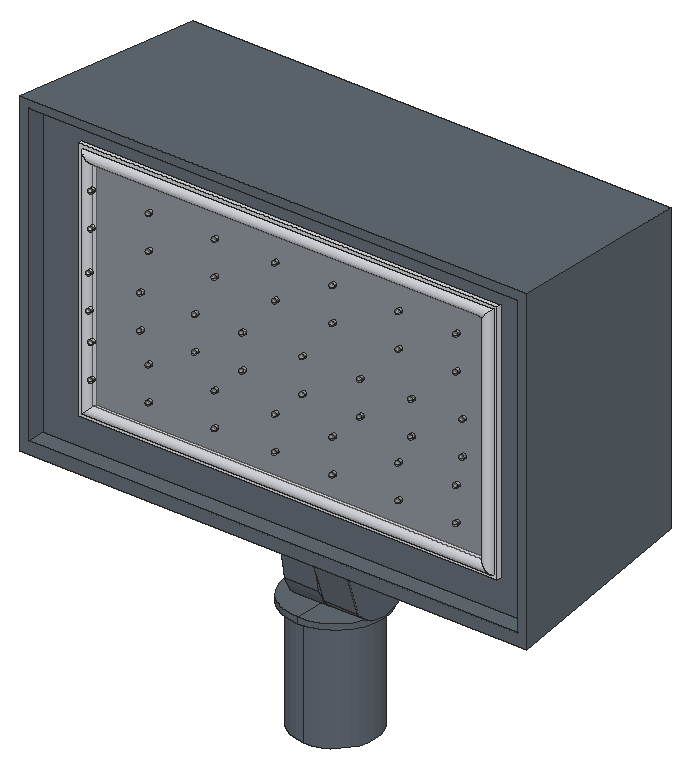
Revit family "RFL2", category Lighting Fixtures, host Face, Revit 2021
Family settings
  Host = Face
  Round Connector Dimension = Use Diameter
  Part Type = Normal
  OmniClass Number = 23.80.70.11.14.17
  OmniClass Title = Direct/Indirect
  Cut with Voids When Loaded = No
  Light Source = Yes
  Shared = Yes
  Room Calculation Point = No
Parameters (values of type "RFL2")
  Width 1 = 5.000"
  Width = 11.630"
  Watts = 25 W
  Wattage Comments = "25W"
  Wattage = 25 W
  Warranty = "5 years Warranty"  # constant formula
  built-in parameter 1150110 = 1 (stored number, unit not read)
  Voltage = 120 V
  URL = "https://www.currentlighting.com/beacon"
  built-in parameter 1114217 = 1 (stored number, unit not read)
  Tilt Angle = 0.00°
  built-in parameter 1150109 = 1 (stored number, unit not read)
  built-in parameter 1150134 = 12
  built-in parameter 1150113 = 1 (stored number, unit not read)
  Screw = Metal-Gray
  Reflector Finish = White Glass
  Product Page URL = ""
  Product Doucmentation Link = ""
  Power Factor = 1
  Photometric Web File = "RFL2-44L-25-4K7-M.ies"
  Photometric Note = "For more ies file please find the above Photometric Web Link"
  Model = "RFL2"
  Manufacturer = " Beacon Products"  # constant formula
  built-in parameter 1150105 = 252.66 (stored number, unit not read)
  Lumens = 3175 lm
  built-in parameter 1150115 = 1 (stored number, unit not read)
  Load Classification = Lighting
  built-in parameter 1150137 = (empty or 0)
  built-in parameter 1150139 = (empty or 0)
  Length = 26.380"
  built-in parameter 1150112 = 1 (stored number, unit not read)
  built-in parameter 1150114 = 1 (stored number, unit not read)
  Lamp = "LED"  # constant formula
  LED_Finish = Glass -  White
  LED = RFL : RFL
  built-in parameter 1150132 = (empty or 0)
  built-in parameter 1150102 = (empty or 0)
  built-in parameter 1150107 = 4000 (stored number, unit not read)
  built-in parameter 1150138 = (empty or 0)
  built-in parameter 1150106 = 2.5266 (stored number, unit not read)
  Housing Material = Paint - Carbon Black
  Features = "Lumen range from 2,000 to 4,000 lm\r\n• Color Temperature 3000K, 4000K, 5000K at\r\n70 and 80 CRI\r\n• Yoke and Threaded Knuckle mounting options.\r\n• 6 beam distributions and beam angles\r\nincluding: Narrow 17°x17°, Medium 28°x27°,\r\nMedium Flood 62°x61°, Wide 79°x64°,\r\nHorizontal 54°x22°, and Vertical 22°x54°.\r\n• IP66 sealed optical and driver chamber"  # constant formula
  built-in parameter 1150104 = 11.799 (stored number, unit not read)
  Dimming Lamp Color Temperature Shift = <None>
  Description = "Compact LED flood with a variety of NEMA distribution for lighting applications such as safety/security, accent, flag pole, columns, or signs. The Ratio flood series was designed in cohesion with the site/area products to provide a sleek yet timeless product family to be used throughout a site. Ratio features a dense optical array which provides reduced pixelation and increased visual comfort without compromising performance"  # constant formula
  Default Elevation = 48.000"
  Copyright = "© Beacon Products"  # constant formula
  Contact = ""
  Connector Description = "Lighting Connector"  # constant formula
  Color Filter = 16777215
  built-in parameter 1114216 [instance] = (empty or 0)
  Certifications = "UL 1598 Standard for Luminaires,IP66 certified."  # constant formula
  built-in parameter 1114218 = 1 (stored number, unit not read)
  built-in parameter 1150133 = 10 (stored number, unit not read)
  Assembly Code = "D5020200"
  Apparent Load = Watts / Power Factor  # 25 VA
Reference planes (in)
  plane 1 "Center (Front/Back)": y = 0
  plane 2: z = 0
  plane 3 "Center (Left/Right)": x = 0
  plane 4: z = 7.9
Forms (in)
  Extrusion 1, solid, material "Paint - Carbon Black"
    sketch origin (0, 0.625, -1.01563) x (0, 1, 0) y (0, 0, 1)
      loop
        arc (-0.5138, 3.14643) -> (0.02516, 2.74808) -> (0.58106, 3.12241) r 0.58115
        line (0.58106, 3.12241) -> (0.41594, 4.05985)
        arc (0.41594, 4.05985) -> (-0.17138, 4.32927) -> (-0.64466, 3.88935) r 0.58115
        line (-0.64466, 3.88935) -> (-0.5138, 3.14643)
    from -0.25 to 0.25
  Revolve 2, solid, material "Paint - Carbon Black" <- "Housing Material"
    sketch origin (0, 0.625, 0.57813) x (0, 1, 0) y (0, 0, 1)
      loop
        line (0.10822, 1.15809) -> (0.10822, -0.55336) -> (0.69184, -0.55336) -> (0.69184, 1.07444) -> (0.80803, 1.07444) -> (0.80803, 1.15809) -> (0.10822, 1.15809)
      axis (0.10822, 1.15809) -> (0.10822, -0.55336)
    angle from 0 to 360
  Revolve 3, solid, material "Metal-Gray" <- "Screw"
    sketch origin (0, 0.44531, 2.4955) x (1, 0, 0) y (0, 1, 0)
      loop
        line (-0.26448, 0.19804) -> (-0.23348, 0.19804) -> (-0.23348, 0.1667) -> (0.72665, 0.1667) -> (0.72665, 0.19804) -> (0.75805, 0.19804) -> (0.75805, 0.29889) -> (0.719, 0.29889) -> (0.719, 0.26805) -> (-0.219, 0.26805) -> (-0.219, 0.29889) -> (-0.26448, 0.29889) -> (-0.26448, 0.19804)
      axis (-0.26448, 0.1667) -> (0.75805, 0.1667)
    angle from 0 to 360
Dimensions and locks (in)
  plane 4 to plane 2 = 7.900"  (x2)
  aligned and locked: plane 2 to host face
  aligned and locked: level to host face
Nested families (in)
  nested 1: "RFL" at (0.5, 0.73251, 0.93872) x (-1, 0, 0) z (0, 0, 1), type "RFL"
Connectors (in)
  electrical at (0, 0.73322, 0.02477), driven by "Voltage", driven by "Apparent Load", driven by "Connector Description", driven by "Load Classification"
    settings: on Revolve 2, index 1, voltage 120 V, apparent load 25 VA, apparent load phase1 0 VA, apparent load phase2 0 VA, apparent load phase3 0 VA, power factor 1, load classification "Lighting", number of poles 1, system type 30, power factor state 1, is connector primary yes, connector utility no, sub classification motor no, connector description "Lighting Connector"
Definition of nested family "RFL"
  Parameters
    Width = 4.700"
    Length = 7.500"
    LED_Finish = none
    LED Base Plate = none
    LED = none
    Housing = none
    Depth = 2.900"
    Default Elevation = 0.000"
    Case = none
  Reference planes (in)
    plane 1 "Center (Front/Back)": y = 0
    plane 2: z = 0
    plane 3 "Center (Left/Right)": x = 0
    plane 4: x = 3.75
    plane 5: x = -3.75
    plane 6: y = 2.35
    plane 7: y = -2.35
    plane 8: z = 7.9
  Forms (in)
    Extrusion 1, solid, material <- "Housing"
      sketch origin (0, 0.84832, -4.74261) x (0, 0.965926, 0.258819) y (0, -0.258819, 0.965926)
        loop
          arc (0.15705, 5.93067) -> (0.69498, 5.56534) -> (1.23499, 5.92759) r 0.58115
          line (1.23499, 5.92759) -> (1.34065, 7.1328) -> (0.06178, 7.35668) -> (0.15705, 5.93067)
      from -0.25 to 0.25
    Blend 2, solid, material <- "Housing"
      base sketch origin (0, 0, 2.3125) x (1, 0, 0) y (0, 0, 1)
        loop
          line (-3.71899, 0) -> (3.75, 0) -> (3.75, 4.7) -> (-3.71899, 4.7) -> (-3.71899, 0)
      top sketch origin (0, 0, 2.3125) x (1, 0, 0) y (0, 0, 1)
        loop
          line (-3.51899, 4.5) -> (-3.51899, 0.25729) -> (3.51899, 0.25729) -> (3.51899, 4.5) -> (-3.51899, 4.5)
      from 1.75 to -1.15
    Extrusion 3, void
      sketch origin (0, 0, 0) x (1, 0, 0) y (0, 0, 1)
        loop
          line (-3.59325, 6.89676) -> (-3.59325, 2.49413) -> (3.62409, 2.49413) -> (3.62409, 6.89676) -> (-3.59325, 6.89676)
      from 1.75 to 1.49135
    Extrusion 4, solid, material <- "LED Base Plate"
      sketch origin (0, 0, 0) x (1, 0, 0) y (0, 0, 1)
        loop
          line (-2.97267, 3.08559) -> (2.88949, 3.08559) -> (2.88949, 6.39744) -> (-2.97267, 6.39744) -> (-2.97267, 3.08559)
      from 1.56737 to 1.49135
    Revolve 5, solid, material <- "LED_Finish"
      sketch origin (-1.6875, -0.9375, 6.125) x (1, 0, 0) y (0, 1, 0)
        loop
          line (-1.00296, -0.78985) -> (-1.00296, -0.87075)
          arc (-1.00296, -0.87075) -> (-0.97758, -0.86024) -> (-0.96707, -0.83486) r 0.03589
          line (-0.96707, -0.83486) -> (-0.96707, -0.78985) -> (-1.00296, -0.78985)
        axis (-1.00296, -0.78985) -> (-1.00296, -0.87075)
      angle from 0 to 360
    Sweep 6, solid
      path in 3D
        loop
          line (-3.12441, -1.49135, 6.54918) -> (3.04123, -1.49135, 6.54918) -> (3.04123, -1.49135, 2.93385) -> (-3.12441, -1.49135, 2.93385) -> (-3.12441, -1.49135, 6.54918)
      profile origin (-3.12441, -1.49135, 4.74152) x (-1, 0, 0) y (0, -1, 0)
        loop
          line (0, 0.05698) -> (-0.05651, 0.05698)
          arc (-0.05651, 0.05698) -> (-0.12974, 0.13021) -> (-0.20297, 0.05698) r 0.07323
          line (-0.20297, 0.05698) -> (-0.20297, 0.0007) -> (0, 0.0007) -> (0, 0.05698)
    Revolve 7, solid, material <- "LED_Finish"
      sketch origin (-1.6875, -0.9375, 4.125) x (1, 0, 0) y (0, 1, 0)
        loop
          line (-1.00296, -0.78985) -> (-1.00296, -0.87075)
          arc (-1.00296, -0.87075) -> (-0.97758, -0.86024) -> (-0.96707, -0.83486) r 0.03589
          line (-0.96707, -0.83486) -> (-0.96707, -0.78985) -> (-1.00296, -0.78985)
        axis (-1.00296, -0.78985) -> (-1.00296, -0.87075)
      angle from 0 to 360
    Revolve 8, solid, material <- "LED_Finish"
      sketch origin (-1.6875, -0.9375, 3.625) x (1, 0, 0) y (0, 1, 0)
        loop
          line (-1.00296, -0.78985) -> (-1.00296, -0.87075)
          arc (-1.00296, -0.87075) -> (-0.97758, -0.86024) -> (-0.96707, -0.83486) r 0.03589
          line (-0.96707, -0.83486) -> (-0.96707, -0.78985) -> (-1.00296, -0.78985)
        axis (-1.00296, -0.78985) -> (-1.00296, -0.87075)
      angle from 0 to 360
    Revolve 9, solid, material <- "LED_Finish"
      sketch origin (-0.83881, -0.9375, 6.125) x (1, 0, 0) y (0, 1, 0)
        loop
          line (-1.00296, -0.78985) -> (-1.00296, -0.87075)
          arc (-1.00296, -0.87075) -> (-0.97758, -0.86024) -> (-0.96707, -0.83486) r 0.03589
          line (-0.96707, -0.83486) -> (-0.96707, -0.78985) -> (-1.00296, -0.78985)
        axis (-1.00296, -0.78985) -> (-1.00296, -0.87075)
      angle from 0 to 360
    Revolve 10, solid, material <- "LED_Finish"
      sketch origin (-0.83881, -0.9375, 4.125) x (1, 0, 0) y (0, 1, 0)
        loop
          line (-1.00296, -0.78985) -> (-1.00296, -0.87075)
          arc (-1.00296, -0.87075) -> (-0.97758, -0.86024) -> (-0.96707, -0.83486) r 0.03589
          line (-0.96707, -0.83486) -> (-0.96707, -0.78985) -> (-1.00296, -0.78985)
        axis (-1.00296, -0.78985) -> (-1.00296, -0.87075)
      angle from 0 to 360
    Revolve 11, solid, material <- "LED_Finish"
      sketch origin (-0.83881, -0.9375, 3.625) x (1, 0, 0) y (0, 1, 0)
        loop
          line (-1.00296, -0.78985) -> (-1.00296, -0.87075)
          arc (-1.00296, -0.87075) -> (-0.97758, -0.86024) -> (-0.96707, -0.83486) r 0.03589
          line (-0.96707, -0.83486) -> (-0.96707, -0.78985) -> (-1.00296, -0.78985)
        axis (-1.00296, -0.78985) -> (-1.00296, -0.87075)
      angle from 0 to 360
    Revolve 12, solid, material <- "LED_Finish"
      sketch origin (0.1342, -0.9375, 6.125) x (1, 0, 0) y (0, 1, 0)
        loop
          line (-1.00296, -0.78985) -> (-1.00296, -0.87075)
          arc (-1.00296, -0.87075) -> (-0.97758, -0.86024) -> (-0.96707, -0.83486) r 0.03589
          line (-0.96707, -0.83486) -> (-0.96707, -0.78985) -> (-1.00296, -0.78985)
        axis (-1.00296, -0.78985) -> (-1.00296, -0.87075)
      angle from 0 to 360
    Revolve 13, solid, material <- "LED_Finish"
      sketch origin (0.1342, -0.9375, 4.125) x (1, 0, 0) y (0, 1, 0)
        loop
          line (-1.00296, -0.78985) -> (-1.00296, -0.87075)
          arc (-1.00296, -0.87075) -> (-0.97758, -0.86024) -> (-0.96707, -0.83486) r 0.03589
          line (-0.96707, -0.83486) -> (-0.96707, -0.78985) -> (-1.00296, -0.78985)
        axis (-1.00296, -0.78985) -> (-1.00296, -0.87075)
      angle from 0 to 360
    Revolve 14, solid, material <- "LED_Finish"
      sketch origin (0.1342, -0.9375, 3.625) x (1, 0, 0) y (0, 1, 0)
        loop
          line (-1.00296, -0.78985) -> (-1.00296, -0.87075)
          arc (-1.00296, -0.87075) -> (-0.97758, -0.86024) -> (-0.96707, -0.83486) r 0.03589
          line (-0.96707, -0.83486) -> (-0.96707, -0.78985) -> (-1.00296, -0.78985)
        axis (-1.00296, -0.78985) -> (-1.00296, -0.87075)
      angle from 0 to 360
    Revolve 15, solid, material <- "LED_Finish"
      sketch origin (0.98289, -0.9375, 6.125) x (1, 0, 0) y (0, 1, 0)
        loop
          line (-1.00296, -0.78985) -> (-1.00296, -0.87075)
          arc (-1.00296, -0.87075) -> (-0.97758, -0.86024) -> (-0.96707, -0.83486) r 0.03589
          line (-0.96707, -0.83486) -> (-0.96707, -0.78985) -> (-1.00296, -0.78985)
        axis (-1.00296, -0.78985) -> (-1.00296, -0.87075)
      angle from 0 to 360
    Revolve 16, solid, material <- "LED_Finish"
      sketch origin (0.98289, -0.9375, 4.125) x (1, 0, 0) y (0, 1, 0)
        loop
          line (-1.00296, -0.78985) -> (-1.00296, -0.87075)
          arc (-1.00296, -0.87075) -> (-0.97758, -0.86024) -> (-0.96707, -0.83486) r 0.03589
          line (-0.96707, -0.83486) -> (-0.96707, -0.78985) -> (-1.00296, -0.78985)
        axis (-1.00296, -0.78985) -> (-1.00296, -0.87075)
      angle from 0 to 360
    Revolve 17, solid, material <- "LED_Finish"
      sketch origin (0.98289, -0.9375, 3.625) x (1, 0, 0) y (0, 1, 0)
        loop
          line (-1.00296, -0.78985) -> (-1.00296, -0.87075)
          arc (-1.00296, -0.87075) -> (-0.97758, -0.86024) -> (-0.96707, -0.83486) r 0.03589
          line (-0.96707, -0.83486) -> (-0.96707, -0.78985) -> (-1.00296, -0.78985)
        axis (-1.00296, -0.78985) -> (-1.00296, -0.87075)
      angle from 0 to 360
    Revolve 18, solid, material <- "LED_Finish"
      sketch origin (1.6875, -0.9375, 6.125) x (-1, 0, 0) y (0, -1, 0)
        loop
          line (-1.00296, 0.78985) -> (-0.96707, 0.78985) -> (-0.96707, 0.83486)
          arc (-0.96707, 0.83486) -> (-0.97758, 0.86024) -> (-1.00296, 0.87075) r 0.03589
          line (-1.00296, 0.87075) -> (-1.00296, 0.78985)
        axis (-1.00296, 0.78985) -> (-1.00296, 0.87075)
      angle from 0 to 360
    Revolve 19, solid, material <- "LED_Finish"
      sketch origin (1.6875, -0.9375, 4.125) x (-1, 0, 0) y (0, -1, 0)
        loop
          line (-1.00296, 0.78985) -> (-0.96707, 0.78985) -> (-0.96707, 0.83486)
          arc (-0.96707, 0.83486) -> (-0.97758, 0.86024) -> (-1.00296, 0.87075) r 0.03589
          line (-1.00296, 0.87075) -> (-1.00296, 0.78985)
        axis (-1.00296, 0.78985) -> (-1.00296, 0.87075)
      angle from 0 to 360
    Revolve 20, solid, material <- "LED_Finish"
      sketch origin (1.6875, -0.9375, 3.625) x (-1, 0, 0) y (0, -1, 0)
        loop
          line (-1.00296, 0.78985) -> (-0.96707, 0.78985) -> (-0.96707, 0.83486)
          arc (-0.96707, 0.83486) -> (-0.97758, 0.86024) -> (-1.00296, 0.87075) r 0.03589
          line (-1.00296, 0.87075) -> (-1.00296, 0.78985)
        axis (-1.00296, 0.78985) -> (-1.00296, 0.87075)
      angle from 0 to 360
    Revolve 21, solid, material <- "LED_Finish"
      sketch origin (0.83881, -0.9375, 6.125) x (-1, 0, 0) y (0, -1, 0)
        loop
          line (-1.00296, 0.78985) -> (-0.96707, 0.78985) -> (-0.96707, 0.83486)
          arc (-0.96707, 0.83486) -> (-0.97758, 0.86024) -> (-1.00296, 0.87075) r 0.03589
          line (-1.00296, 0.87075) -> (-1.00296, 0.78985)
        axis (-1.00296, 0.78985) -> (-1.00296, 0.87075)
      angle from 0 to 360
    Revolve 22, solid, material <- "LED_Finish"
      sketch origin (0.83881, -0.9375, 4.125) x (-1, 0, 0) y (0, -1, 0)
        loop
          line (-1.00296, 0.78985) -> (-0.96707, 0.78985) -> (-0.96707, 0.83486)
          arc (-0.96707, 0.83486) -> (-0.97758, 0.86024) -> (-1.00296, 0.87075) r 0.03589
          line (-1.00296, 0.87075) -> (-1.00296, 0.78985)
        axis (-1.00296, 0.78985) -> (-1.00296, 0.87075)
      angle from 0 to 360
    Revolve 23, solid, material <- "LED_Finish"
      sketch origin (0.83881, -0.9375, 3.625) x (-1, 0, 0) y (0, -1, 0)
        loop
          line (-1.00296, 0.78985) -> (-0.96707, 0.78985) -> (-0.96707, 0.83486)
          arc (-0.96707, 0.83486) -> (-0.97758, 0.86024) -> (-1.00296, 0.87075) r 0.03589
          line (-1.00296, 0.87075) -> (-1.00296, 0.78985)
        axis (-1.00296, 0.78985) -> (-1.00296, 0.87075)
      angle from 0 to 360
    Revolve 24, solid, material <- "LED_Finish"
      sketch origin (-0.1342, -0.9375, 6.125) x (-1, 0, 0) y (0, -1, 0)
        loop
          line (-1.00296, 0.78985) -> (-0.96707, 0.78985) -> (-0.96707, 0.83486)
          arc (-0.96707, 0.83486) -> (-0.97758, 0.86024) -> (-1.00296, 0.87075) r 0.03589
          line (-1.00296, 0.87075) -> (-1.00296, 0.78985)
        axis (-1.00296, 0.78985) -> (-1.00296, 0.87075)
      angle from 0 to 360
    Revolve 25, solid, material <- "LED_Finish"
      sketch origin (-0.1342, -0.9375, 4.125) x (-1, 0, 0) y (0, -1, 0)
        loop
          line (-1.00296, 0.78985) -> (-0.96707, 0.78985) -> (-0.96707, 0.83486)
          arc (-0.96707, 0.83486) -> (-0.97758, 0.86024) -> (-1.00296, 0.87075) r 0.03589
          line (-1.00296, 0.87075) -> (-1.00296, 0.78985)
        axis (-1.00296, 0.78985) -> (-1.00296, 0.87075)
      angle from 0 to 360
    Revolve 26, solid, material <- "LED_Finish"
      sketch origin (-0.1342, -0.9375, 3.625) x (-1, 0, 0) y (0, -1, 0)
        loop
          line (-1.00296, 0.78985) -> (-0.96707, 0.78985) -> (-0.96707, 0.83486)
          arc (-0.96707, 0.83486) -> (-0.97758, 0.86024) -> (-1.00296, 0.87075) r 0.03589
          line (-1.00296, 0.87075) -> (-1.00296, 0.78985)
        axis (-1.00296, 0.78985) -> (-1.00296, 0.87075)
      angle from 0 to 360
    Revolve 27, solid, material <- "LED_Finish"
      sketch origin (-1.78125, -0.9375, 5.0309) x (1, 0, 0) y (0, 1, 0)
        loop
          line (-1.00296, -0.78985) -> (-1.00296, -0.87075)
          arc (-1.00296, -0.87075) -> (-0.97758, -0.86024) -> (-0.96707, -0.83486) r 0.03589
          line (-0.96707, -0.83486) -> (-0.96707, -0.78985) -> (-1.00296, -0.78985)
        axis (-1.00296, -0.78985) -> (-1.00296, -0.87075)
      angle from 0 to 360
    Revolve 28, solid, material <- "LED_Finish"
      sketch origin (-1.02631, -0.9375, 5.0309) x (1, 0, 0) y (0, 1, 0)
        loop
          line (-1.00296, -0.78985) -> (-1.00296, -0.87075)
          arc (-1.00296, -0.87075) -> (-0.97758, -0.86024) -> (-0.96707, -0.83486) r 0.03589
          line (-0.96707, -0.83486) -> (-0.96707, -0.78985) -> (-1.00296, -0.78985)
        axis (-1.00296, -0.78985) -> (-1.00296, -0.87075)
      angle from 0 to 360
    Revolve 29, solid, material <- "LED_Finish"
      sketch origin (-0.27205, -0.9375, 5.0309) x (1, 0, 0) y (0, 1, 0)
        loop
          line (-1.00296, -0.78985) -> (-1.00296, -0.87075)
          arc (-1.00296, -0.87075) -> (-0.97758, -0.86024) -> (-0.96707, -0.83486) r 0.03589
          line (-0.96707, -0.83486) -> (-0.96707, -0.78985) -> (-1.00296, -0.78985)
        axis (-1.00296, -0.78985) -> (-1.00296, -0.87075)
      angle from 0 to 360
    Revolve 30, solid, material <- "LED_Finish"
      sketch origin (0.57664, -0.9375, 5.0309) x (1, 0, 0) y (0, 1, 0)
        loop
          line (-1.00296, -0.78985) -> (-1.00296, -0.87075)
          arc (-1.00296, -0.87075) -> (-0.97758, -0.86024) -> (-0.96707, -0.83486) r 0.03589
          line (-0.96707, -0.83486) -> (-0.96707, -0.78985) -> (-1.00296, -0.78985)
        axis (-1.00296, -0.78985) -> (-1.00296, -0.87075)
      angle from 0 to 360
    Revolve 31, solid, material <- "LED_Finish"
      sketch origin (1.71875, -0.9375, 5.0309) x (-1, 0, 0) y (0, -1, 0)
        loop
          line (-1.00296, 0.78985) -> (-0.96707, 0.78985) -> (-0.96707, 0.83486)
          arc (-0.96707, 0.83486) -> (-0.97758, 0.86024) -> (-1.00296, 0.87075) r 0.03589
          line (-1.00296, 0.87075) -> (-1.00296, 0.78985)
        axis (-1.00296, 0.78985) -> (-1.00296, 0.87075)
      angle from 0 to 360
    Revolve 32, solid, material <- "LED_Finish"
      sketch origin (0.96381, -0.9375, 5.0309) x (-1, 0, 0) y (0, -1, 0)
        loop
          line (-1.00296, 0.78985) -> (-0.96707, 0.78985) -> (-0.96707, 0.83486)
          arc (-0.96707, 0.83486) -> (-0.97758, 0.86024) -> (-1.00296, 0.87075) r 0.03589
          line (-1.00296, 0.87075) -> (-1.00296, 0.78985)
        axis (-1.00296, 0.78985) -> (-1.00296, 0.87075)
      angle from 0 to 360
    Revolve 33, solid, material <- "LED_Finish"
      sketch origin (-0.54045, -0.9375, 5.0309) x (-1, 0, 0) y (0, -1, 0)
        loop
          line (-1.00296, 0.78985) -> (-0.96707, 0.78985) -> (-0.96707, 0.83486)
          arc (-0.96707, 0.83486) -> (-0.97758, 0.86024) -> (-1.00296, 0.87075) r 0.03589
          line (-1.00296, 0.87075) -> (-1.00296, 0.78985)
        axis (-1.00296, 0.78985) -> (-1.00296, 0.87075)
      angle from 0 to 360
    Revolve 34, solid, material <- "LED_Finish"
      sketch origin (0.15754, -0.9375, 5.0309) x (-1, 0, 0) y (0, -1, 0)
        loop
          line (-1.00296, 0.78985) -> (-0.96707, 0.78985) -> (-0.96707, 0.83486)
          arc (-0.96707, 0.83486) -> (-0.97758, 0.86024) -> (-1.00296, 0.87075) r 0.03589
          line (-1.00296, 0.87075) -> (-1.00296, 0.78985)
        axis (-1.00296, 0.78985) -> (-1.00296, 0.87075)
      angle from 0 to 360
    Revolve 35, solid, material <- "LED_Finish"
      sketch origin (-1.78125, -0.9375, 4.5309) x (1, 0, 0) y (0, 1, 0)
        loop
          line (-1.00296, -0.78985) -> (-1.00296, -0.87075)
          arc (-1.00296, -0.87075) -> (-0.97758, -0.86024) -> (-0.96707, -0.83486) r 0.03589
          line (-0.96707, -0.83486) -> (-0.96707, -0.78985) -> (-1.00296, -0.78985)
        axis (-1.00296, -0.78985) -> (-1.00296, -0.87075)
      angle from 0 to 360
    Revolve 36, solid, material <- "LED_Finish"
      sketch origin (-1.02631, -0.9375, 4.5309) x (1, 0, 0) y (0, 1, 0)
        loop
          line (-1.00296, -0.78985) -> (-1.00296, -0.87075)
          arc (-1.00296, -0.87075) -> (-0.97758, -0.86024) -> (-0.96707, -0.83486) r 0.03589
          line (-0.96707, -0.83486) -> (-0.96707, -0.78985) -> (-1.00296, -0.78985)
        axis (-1.00296, -0.78985) -> (-1.00296, -0.87075)
      angle from 0 to 360
    Revolve 37, solid, material <- "LED_Finish"
      sketch origin (-0.27205, -0.9375, 4.5309) x (1, 0, 0) y (0, 1, 0)
        loop
          line (-1.00296, -0.78985) -> (-1.00296, -0.87075)
          arc (-1.00296, -0.87075) -> (-0.97758, -0.86024) -> (-0.96707, -0.83486) r 0.03589
          line (-0.96707, -0.83486) -> (-0.96707, -0.78985) -> (-1.00296, -0.78985)
        axis (-1.00296, -0.78985) -> (-1.00296, -0.87075)
      angle from 0 to 360
    Revolve 38, solid, material <- "LED_Finish"
      sketch origin (0.57664, -0.9375, 4.5309) x (1, 0, 0) y (0, 1, 0)
        loop
          line (-1.00296, -0.78985) -> (-1.00296, -0.87075)
          arc (-1.00296, -0.87075) -> (-0.97758, -0.86024) -> (-0.96707, -0.83486) r 0.03589
          line (-0.96707, -0.83486) -> (-0.96707, -0.78985) -> (-1.00296, -0.78985)
        axis (-1.00296, -0.78985) -> (-1.00296, -0.87075)
      angle from 0 to 360
    Revolve 39, solid, material <- "LED_Finish"
      sketch origin (1.71875, -0.9375, 4.5309) x (-1, 0, 0) y (0, -1, 0)
        loop
          line (-1.00296, 0.78985) -> (-0.96707, 0.78985) -> (-0.96707, 0.83486)
          arc (-0.96707, 0.83486) -> (-0.97758, 0.86024) -> (-1.00296, 0.87075) r 0.03589
          line (-1.00296, 0.87075) -> (-1.00296, 0.78985)
        axis (-1.00296, 0.78985) -> (-1.00296, 0.87075)
      angle from 0 to 360
    Revolve 40, solid, material <- "LED_Finish"
      sketch origin (0.96381, -0.9375, 4.5309) x (-1, 0, 0) y (0, -1, 0)
        loop
          line (-1.00296, 0.78985) -> (-0.96707, 0.78985) -> (-0.96707, 0.83486)
          arc (-0.96707, 0.83486) -> (-0.97758, 0.86024) -> (-1.00296, 0.87075) r 0.03589
          line (-1.00296, 0.87075) -> (-1.00296, 0.78985)
        axis (-1.00296, 0.78985) -> (-1.00296, 0.87075)
      angle from 0 to 360
    Revolve 41, solid, material <- "LED_Finish"
      sketch origin (-0.54045, -0.9375, 4.5309) x (-1, 0, 0) y (0, -1, 0)
        loop
          line (-1.00296, 0.78985) -> (-0.96707, 0.78985) -> (-0.96707, 0.83486)
          arc (-0.96707, 0.83486) -> (-0.97758, 0.86024) -> (-1.00296, 0.87075) r 0.03589
          line (-1.00296, 0.87075) -> (-1.00296, 0.78985)
        axis (-1.00296, 0.78985) -> (-1.00296, 0.87075)
      angle from 0 to 360
    Revolve 42, solid, material <- "LED_Finish"
      sketch origin (0.15754, -0.9375, 4.5309) x (-1, 0, 0) y (0, -1, 0)
        loop
          line (-1.00296, 0.78985) -> (-0.96707, 0.78985) -> (-0.96707, 0.83486)
          arc (-0.96707, 0.83486) -> (-0.97758, 0.86024) -> (-1.00296, 0.87075) r 0.03589
          line (-1.00296, 0.87075) -> (-1.00296, 0.78985)
        axis (-1.00296, 0.78985) -> (-1.00296, 0.87075)
      angle from 0 to 360
    Revolve 43, solid, material <- "LED_Finish"
      sketch origin (-1.6875, -0.9375, 5.625) x (1, 0, 0) y (0, 1, 0)
        loop
          line (-1.00296, -0.78985) -> (-1.00296, -0.87075)
          arc (-1.00296, -0.87075) -> (-0.97758, -0.86024) -> (-0.96707, -0.83486) r 0.03589
          line (-0.96707, -0.83486) -> (-0.96707, -0.78985) -> (-1.00296, -0.78985)
        axis (-1.00296, -0.78985) -> (-1.00296, -0.87075)
      angle from 0 to 360
    Revolve 44, solid, material <- "LED_Finish"
      sketch origin (-0.83881, -0.9375, 5.625) x (1, 0, 0) y (0, 1, 0)
        loop
          line (-1.00296, -0.78985) -> (-1.00296, -0.87075)
          arc (-1.00296, -0.87075) -> (-0.97758, -0.86024) -> (-0.96707, -0.83486) r 0.03589
          line (-0.96707, -0.83486) -> (-0.96707, -0.78985) -> (-1.00296, -0.78985)
        axis (-1.00296, -0.78985) -> (-1.00296, -0.87075)
      angle from 0 to 360
    Revolve 45, solid, material <- "LED_Finish"
      sketch origin (0.1342, -0.9375, 5.625) x (1, 0, 0) y (0, 1, 0)
        loop
          line (-1.00296, -0.78985) -> (-1.00296, -0.87075)
          arc (-1.00296, -0.87075) -> (-0.97758, -0.86024) -> (-0.96707, -0.83486) r 0.03589
          line (-0.96707, -0.83486) -> (-0.96707, -0.78985) -> (-1.00296, -0.78985)
        axis (-1.00296, -0.78985) -> (-1.00296, -0.87075)
      angle from 0 to 360
    Revolve 46, solid, material <- "LED_Finish"
      sketch origin (0.98289, -0.9375, 5.625) x (1, 0, 0) y (0, 1, 0)
        loop
          line (-1.00296, -0.78985) -> (-1.00296, -0.87075)
          arc (-1.00296, -0.87075) -> (-0.97758, -0.86024) -> (-0.96707, -0.83486) r 0.03589
          line (-0.96707, -0.83486) -> (-0.96707, -0.78985) -> (-1.00296, -0.78985)
        axis (-1.00296, -0.78985) -> (-1.00296, -0.87075)
      angle from 0 to 360
    Revolve 47, solid, material <- "LED_Finish"
      sketch origin (1.6875, -0.9375, 5.625) x (-1, 0, 0) y (0, -1, 0)
        loop
          line (-1.00296, 0.78985) -> (-0.96707, 0.78985) -> (-0.96707, 0.83486)
          arc (-0.96707, 0.83486) -> (-0.97758, 0.86024) -> (-1.00296, 0.87075) r 0.03589
          line (-1.00296, 0.87075) -> (-1.00296, 0.78985)
        axis (-1.00296, 0.78985) -> (-1.00296, 0.87075)
      angle from 0 to 360
    Revolve 48, solid, material <- "LED_Finish"
      sketch origin (0.83881, -0.9375, 5.625) x (-1, 0, 0) y (0, -1, 0)
        loop
          line (-1.00296, 0.78985) -> (-0.96707, 0.78985) -> (-0.96707, 0.83486)
          arc (-0.96707, 0.83486) -> (-0.97758, 0.86024) -> (-1.00296, 0.87075) r 0.03589
          line (-1.00296, 0.87075) -> (-1.00296, 0.78985)
        axis (-1.00296, 0.78985) -> (-1.00296, 0.87075)
      angle from 0 to 360
    Revolve 49, solid, material <- "LED_Finish"
      sketch origin (-0.1342, -0.9375, 5.625) x (-1, 0, 0) y (0, -1, 0)
        loop
          line (-1.00296, 0.78985) -> (-0.96707, 0.78985) -> (-0.96707, 0.83486)
          arc (-0.96707, 0.83486) -> (-0.97758, 0.86024) -> (-1.00296, 0.87075) r 0.03589
          line (-1.00296, 0.87075) -> (-1.00296, 0.78985)
        axis (-1.00296, 0.78985) -> (-1.00296, 0.87075)
      angle from 0 to 360
  Cuts and joins
    Extrusion 3 cuts Blend 2
  Lines and regions (in)
    model lines
      curve 1: line (-3.12441, 0, 2.93385) -> (-3.12441, 0, 6.54918)
    sketch lines
      curve 2: line (-3.12441, -1.49135, 2.93385) -> (-3.12441, -1.49135, 6.54918)
      curve 3: line (-3.12441, -1.49135, 6.54918) -> (3.04123, -1.49135, 6.54918)
      curve 4: line (3.04123, -1.49135, 6.54918) -> (3.04123, -1.49135, 2.93385)
      curve 5: line (3.04123, -1.49135, 2.93385) -> (-3.12441, -1.49135, 2.93385)
  Dimensions and locks (in)
    "Length": plane 5 to plane 4
    "Width": plane 7 to plane 6
    equal spacing: plane 7, plane 1 "Center (Front/Back)", plane 6
    equal spacing: plane 5, plane 3 "Center (Left/Right)", plane 4
    plane 4 to plane 5 = 7.500"
    aligned and locked: plane 2 to level
  Automatic sketch dimensions
    plane 5 to curve 1 = 0.62559"
    level to curve 1 = 2.93385"
    curve 1 to plane 8 = 1.35082"
    plane 1 "Center (Front/Back)" to Extrusion 1 sketch curve = 0.99606"
    level to Extrusion 1 sketch curve = 2.37939"
    Extrusion 1 sketch curve to Extrusion 1 sketch curve = 0.09527"
    Extrusion 1 sketch curve to Extrusion 1 sketch curve = 0.53959"
    Extrusion 1 sketch curve to Extrusion 1 sketch curve = 0.53835"
    Extrusion 1 sketch curve to Extrusion 1 sketch curve = 0.64401"
    Extrusion 1 sketch curve to Extrusion 1 sketch curve = 0.22389"
    Extrusion 1 sketch curve to Extrusion 1 sketch curve = 0.98631"
    Extrusion 1 sketch curve to Extrusion 1 sketch curve = 0.21581"
    Blend 2 sketch curve to plane 4 = 0.000"
    plane 5 to Blend 2 sketch curve = 0.03101"
    level to Blend 2 sketch curve = 2.3125"
    Blend 2 sketch curve to plane 8 = 0.8875"
    plane 5 to Blend 2 sketch curve = 0.23101"
    Blend 2 sketch curve to plane 4 = 0.23101"
    level to Blend 2 sketch curve = 2.56979"
    Blend 2 sketch curve to plane 8 = 1.0875"
    plane 5 to Extrusion 3 sketch curve = 0.15675"
    Extrusion 3 sketch curve to plane 4 = 0.12591"
    level to Extrusion 3 sketch curve = 2.49413"
    Extrusion 3 sketch curve to plane 8 = 1.00324"
    plane 5 to Extrusion 4 sketch curve = 0.77733"
    Extrusion 4 sketch curve to plane 4 = 0.86051"
    level to Extrusion 4 sketch curve = 3.08559"
    Extrusion 4 sketch curve to plane 8 = 1.50256"
    plane 5 to Revolve 5 sketch curve = 1.05954"
    Revolve 5 sketch curve to Revolve 5 sketch curve = 0.03589"
    Revolve 5 sketch curve to plane 7 = 0.54175"
    Revolve 5 sketch curve to Revolve 5 sketch curve = 0.04501"
    Revolve 5 sketch curve to Revolve 5 sketch curve = 0.000"
    Revolve 5 sketch curve to plane 7 = 0.18262"
    Revolve 5 sketch curve to Revolve 5 sketch curve = 0.26429"
    Sweep 6 sketch curve to profile plane = 0.000"
    Sweep 6 sketch curve to Sweep 6 sketch curve = 0.05651"
    Sweep 6 sketch curve to Sweep 6 sketch curve = 0.07323"
    profile plane to Sweep 6 sketch curve = 0.0007"
    Sweep 6 sketch curve to Sweep 6 sketch curve = 0.05628"
    plane 5 to Revolve 7 sketch curve = 1.05954"
    Revolve 7 sketch curve to Revolve 7 sketch curve = 0.03589"
    Revolve 7 sketch curve to plane 7 = 0.54175"
    Revolve 7 sketch curve to Revolve 7 sketch curve = 0.04501"
    Revolve 7 sketch curve to Revolve 7 sketch curve = 0.000"
    Revolve 7 sketch curve to plane 7 = 0.18262"
    Revolve 7 sketch curve to Revolve 7 sketch curve = 0.26429"
    plane 5 to Revolve 8 sketch curve = 1.05954"
    Revolve 8 sketch curve to Revolve 8 sketch curve = 0.03589"
    Revolve 8 sketch curve to plane 7 = 0.54175"
    Revolve 8 sketch curve to Revolve 8 sketch curve = 0.04501"
    Revolve 8 sketch curve to Revolve 8 sketch curve = 0.000"
    Revolve 8 sketch curve to plane 7 = 0.18262"
    Revolve 8 sketch curve to Revolve 8 sketch curve = 0.26429"
    Revolve 9 sketch curve to plane 7 = 0.62265"
    Revolve 9 sketch curve to plane 3 "Center (Left/Right)" = 1.84177"
    Revolve 9 sketch curve to Revolve 9 sketch curve = 0.03589"
    Revolve 9 sketch curve to Revolve 9 sketch curve = 0.04501"
    Revolve 9 sketch curve to Revolve 9 sketch curve = 0.000"
    Revolve 9 sketch curve to plane 7 = 0.18262"
    Revolve 9 sketch curve to Revolve 9 sketch curve = 0.26429"
    Revolve 10 sketch curve to plane 7 = 0.62265"
    Revolve 10 sketch curve to plane 3 "Center (Left/Right)" = 1.84177"
    Revolve 10 sketch curve to Revolve 10 sketch curve = 0.03589"
    Revolve 10 sketch curve to Revolve 10 sketch curve = 0.04501"
    Revolve 10 sketch curve to Revolve 10 sketch curve = 0.000"
    Revolve 10 sketch curve to plane 7 = 0.18262"
    Revolve 10 sketch curve to Revolve 10 sketch curve = 0.26429"
    Revolve 11 sketch curve to plane 7 = 0.62265"
    Revolve 11 sketch curve to plane 3 "Center (Left/Right)" = 1.84177"
    Revolve 11 sketch curve to Revolve 11 sketch curve = 0.03589"
    Revolve 11 sketch curve to Revolve 11 sketch curve = 0.04501"
    Revolve 11 sketch curve to Revolve 11 sketch curve = 0.000"
    Revolve 11 sketch curve to plane 7 = 0.18262"
    Revolve 11 sketch curve to Revolve 11 sketch curve = 0.26429"
    Revolve 12 sketch curve to plane 3 "Center (Left/Right)" = 0.86876"
    Revolve 12 sketch curve to Revolve 12 sketch curve = 0.03589"
    Revolve 12 sketch curve to plane 7 = 0.54175"
    Revolve 12 sketch curve to Revolve 12 sketch curve = 0.04501"
    Revolve 12 sketch curve to Revolve 12 sketch curve = 0.000"
    Revolve 12 sketch curve to plane 7 = 0.18262"
    Revolve 12 sketch curve to Revolve 12 sketch curve = 0.26429"
    Revolve 13 sketch curve to plane 3 "Center (Left/Right)" = 0.86876"
    Revolve 13 sketch curve to Revolve 13 sketch curve = 0.03589"
    Revolve 13 sketch curve to plane 7 = 0.54175"
    Revolve 13 sketch curve to Revolve 13 sketch curve = 0.04501"
    Revolve 13 sketch curve to Revolve 13 sketch curve = 0.000"
    Revolve 13 sketch curve to plane 7 = 0.18262"
    Revolve 13 sketch curve to Revolve 13 sketch curve = 0.26429"
    Revolve 14 sketch curve to plane 3 "Center (Left/Right)" = 0.86876"
    Revolve 14 sketch curve to Revolve 14 sketch curve = 0.03589"
    Revolve 14 sketch curve to plane 7 = 0.54175"
    Revolve 14 sketch curve to Revolve 14 sketch curve = 0.04501"
    Revolve 14 sketch curve to Revolve 14 sketch curve = 0.000"
    Revolve 14 sketch curve to plane 7 = 0.18262"
    Revolve 14 sketch curve to Revolve 14 sketch curve = 0.26429"
    Revolve 15 sketch curve to plane 3 "Center (Left/Right)" = 0.02007"  (x2)
    plane 3 "Center (Left/Right)" to Revolve 15 sketch curve = 0.01582"
    Revolve 15 sketch curve to plane 7 = 0.54175"
    Revolve 15 sketch curve to Revolve 15 sketch curve = 0.04501"
    Revolve 15 sketch curve to plane 7 = 0.18262"
    Revolve 15 sketch curve to Revolve 15 sketch curve = 0.26429"
    Revolve 16 sketch curve to plane 3 "Center (Left/Right)" = 0.02007"  (x2)
    plane 3 "Center (Left/Right)" to Revolve 16 sketch curve = 0.01582"
    Revolve 16 sketch curve to plane 7 = 0.54175"
    Revolve 16 sketch curve to Revolve 16 sketch curve = 0.04501"
    Revolve 16 sketch curve to plane 7 = 0.18262"
    Revolve 16 sketch curve to Revolve 16 sketch curve = 0.26429"
    Revolve 17 sketch curve to plane 3 "Center (Left/Right)" = 0.02007"  (x2)
    plane 3 "Center (Left/Right)" to Revolve 17 sketch curve = 0.01582"
    Revolve 17 sketch curve to plane 7 = 0.54175"
    Revolve 17 sketch curve to Revolve 17 sketch curve = 0.04501"
    Revolve 17 sketch curve to plane 7 = 0.18262"
    Revolve 17 sketch curve to Revolve 17 sketch curve = 0.26429"
    Revolve 18 sketch curve to plane 4 = 1.05954"
    Revolve 18 sketch curve to Revolve 18 sketch curve = 0.03589"
    Revolve 18 sketch curve to plane 7 = 0.62265"
    Revolve 18 sketch curve to Revolve 18 sketch curve = 0.04501"
    Revolve 18 sketch curve to Revolve 18 sketch curve = 0.000"
    Revolve 18 sketch curve to Revolve 18 sketch curve = 0.26429"
    Revolve 18 sketch curve to plane 7 = 0.18262"
    Revolve 19 sketch curve to plane 4 = 1.05954"
    Revolve 19 sketch curve to Revolve 19 sketch curve = 0.03589"
    Revolve 19 sketch curve to plane 7 = 0.62265"
    Revolve 19 sketch curve to Revolve 19 sketch curve = 0.04501"
    Revolve 19 sketch curve to Revolve 19 sketch curve = 0.000"
    Revolve 19 sketch curve to Revolve 19 sketch curve = 0.26429"
    Revolve 19 sketch curve to plane 7 = 0.18262"
    Revolve 20 sketch curve to plane 4 = 1.05954"
    Revolve 20 sketch curve to Revolve 20 sketch curve = 0.03589"
    Revolve 20 sketch curve to plane 7 = 0.62265"
    Revolve 20 sketch curve to Revolve 20 sketch curve = 0.04501"
    Revolve 20 sketch curve to Revolve 20 sketch curve = 0.000"
    Revolve 20 sketch curve to Revolve 20 sketch curve = 0.26429"
    Revolve 20 sketch curve to plane 7 = 0.18262"
    Revolve 21 sketch curve to plane 7 = 0.62265"
    plane 3 "Center (Left/Right)" to Revolve 21 sketch curve = 1.84177"
    Revolve 21 sketch curve to Revolve 21 sketch curve = 0.03589"
    Revolve 21 sketch curve to Revolve 21 sketch curve = 0.04501"
    Revolve 21 sketch curve to Revolve 21 sketch curve = 0.000"
    Revolve 21 sketch curve to Revolve 21 sketch curve = 0.26429"
    Revolve 21 sketch curve to plane 7 = 0.18262"
    Revolve 22 sketch curve to plane 7 = 0.62265"
    plane 3 "Center (Left/Right)" to Revolve 22 sketch curve = 1.84177"
    Revolve 22 sketch curve to Revolve 22 sketch curve = 0.03589"
    Revolve 22 sketch curve to Revolve 22 sketch curve = 0.04501"
    Revolve 22 sketch curve to Revolve 22 sketch curve = 0.000"
    Revolve 22 sketch curve to Revolve 22 sketch curve = 0.26429"
    Revolve 22 sketch curve to plane 7 = 0.18262"
    Revolve 23 sketch curve to plane 7 = 0.62265"
    plane 3 "Center (Left/Right)" to Revolve 23 sketch curve = 1.84177"
    Revolve 23 sketch curve to Revolve 23 sketch curve = 0.03589"
    Revolve 23 sketch curve to Revolve 23 sketch curve = 0.04501"
    Revolve 23 sketch curve to Revolve 23 sketch curve = 0.000"
    Revolve 23 sketch curve to Revolve 23 sketch curve = 0.26429"
    Revolve 23 sketch curve to plane 7 = 0.18262"
    plane 3 "Center (Left/Right)" to Revolve 24 sketch curve = 0.86876"
    Revolve 24 sketch curve to Revolve 24 sketch curve = 0.03589"
    Revolve 24 sketch curve to plane 7 = 0.62265"
    Revolve 24 sketch curve to Revolve 24 sketch curve = 0.04501"
    Revolve 24 sketch curve to Revolve 24 sketch curve = 0.000"
    Revolve 24 sketch curve to Revolve 24 sketch curve = 0.26429"
    Revolve 24 sketch curve to plane 7 = 0.18262"
    plane 3 "Center (Left/Right)" to Revolve 25 sketch curve = 0.86876"
    Revolve 25 sketch curve to Revolve 25 sketch curve = 0.03589"
    Revolve 25 sketch curve to plane 7 = 0.62265"
    Revolve 25 sketch curve to Revolve 25 sketch curve = 0.04501"
    Revolve 25 sketch curve to Revolve 25 sketch curve = 0.000"
    Revolve 25 sketch curve to Revolve 25 sketch curve = 0.26429"
    Revolve 25 sketch curve to plane 7 = 0.18262"
    plane 3 "Center (Left/Right)" to Revolve 26 sketch curve = 0.86876"
    Revolve 26 sketch curve to Revolve 26 sketch curve = 0.03589"
    Revolve 26 sketch curve to plane 7 = 0.62265"
    Revolve 26 sketch curve to Revolve 26 sketch curve = 0.04501"
    Revolve 26 sketch curve to Revolve 26 sketch curve = 0.000"
    Revolve 26 sketch curve to Revolve 26 sketch curve = 0.26429"
    Revolve 26 sketch curve to plane 7 = 0.18262"
    plane 5 to Revolve 27 sketch curve = 0.96579"
    Revolve 27 sketch curve to Revolve 27 sketch curve = 0.03589"
    Revolve 27 sketch curve to plane 7 = 0.54175"
    Revolve 27 sketch curve to Revolve 27 sketch curve = 0.04501"
    Revolve 27 sketch curve to Revolve 27 sketch curve = 0.000"
    Revolve 27 sketch curve to plane 7 = 0.18262"
    Revolve 27 sketch curve to Revolve 27 sketch curve = 0.26429"
    Revolve 28 sketch curve to plane 7 = 0.62265"
    plane 5 to Revolve 28 sketch curve = 1.72073"
    Revolve 28 sketch curve to Revolve 28 sketch curve = 0.03589"
    Revolve 28 sketch curve to Revolve 28 sketch curve = 0.04501"
    Revolve 28 sketch curve to Revolve 28 sketch curve = 0.000"
    Revolve 28 sketch curve to plane 7 = 0.18262"
    Revolve 28 sketch curve to Revolve 28 sketch curve = 0.26429"
    Revolve 29 sketch curve to plane 7 = 0.62265"
    Revolve 29 sketch curve to plane 3 "Center (Left/Right)" = 1.27501"
    Revolve 29 sketch curve to Revolve 29 sketch curve = 0.03589"
    Revolve 29 sketch curve to Revolve 29 sketch curve = 0.04501"
    Revolve 29 sketch curve to Revolve 29 sketch curve = 0.000"
    Revolve 29 sketch curve to plane 7 = 0.18262"
    Revolve 29 sketch curve to Revolve 29 sketch curve = 0.26429"
    Revolve 30 sketch curve to plane 3 "Center (Left/Right)" = 0.42632"
    Revolve 30 sketch curve to Revolve 30 sketch curve = 0.03589"
    Revolve 30 sketch curve to plane 7 = 0.54175"
    Revolve 30 sketch curve to Revolve 30 sketch curve = 0.04501"
    Revolve 30 sketch curve to Revolve 30 sketch curve = 0.000"
    Revolve 30 sketch curve to plane 7 = 0.18262"
    Revolve 30 sketch curve to Revolve 30 sketch curve = 0.26429"
    Revolve 31 sketch curve to plane 4 = 1.02829"
    Revolve 31 sketch curve to Revolve 31 sketch curve = 0.03589"
    Revolve 31 sketch curve to plane 7 = 0.62265"
    Revolve 31 sketch curve to Revolve 31 sketch curve = 0.04501"
    Revolve 31 sketch curve to Revolve 31 sketch curve = 0.000"
    Revolve 31 sketch curve to Revolve 31 sketch curve = 0.26429"
    Revolve 31 sketch curve to plane 7 = 0.18262"
    Revolve 32 sketch curve to plane 7 = 0.62265"
    Revolve 32 sketch curve to plane 4 = 1.78323"
    Revolve 32 sketch curve to Revolve 32 sketch curve = 0.03589"
    Revolve 32 sketch curve to Revolve 32 sketch curve = 0.04501"
    Revolve 32 sketch curve to Revolve 32 sketch curve = 0.000"
    Revolve 32 sketch curve to Revolve 32 sketch curve = 0.26429"
    Revolve 32 sketch curve to plane 7 = 0.18262"
    plane 3 "Center (Left/Right)" to Revolve 33 sketch curve = 0.46251"
    Revolve 33 sketch curve to Revolve 33 sketch curve = 0.03589"
    Revolve 33 sketch curve to plane 7 = 0.62265"
    Revolve 33 sketch curve to Revolve 33 sketch curve = 0.04501"
    Revolve 33 sketch curve to Revolve 33 sketch curve = 0.000"
    Revolve 33 sketch curve to Revolve 33 sketch curve = 0.26429"
    Revolve 33 sketch curve to plane 7 = 0.18262"
    plane 3 "Center (Left/Right)" to Revolve 34 sketch curve = 1.16051"
    Revolve 34 sketch curve to Revolve 34 sketch curve = 0.03589"
    Revolve 34 sketch curve to plane 7 = 0.62265"
    Revolve 34 sketch curve to Revolve 34 sketch curve = 0.04501"
    Revolve 34 sketch curve to Revolve 34 sketch curve = 0.000"
    Revolve 34 sketch curve to Revolve 34 sketch curve = 0.26429"
    Revolve 34 sketch curve to plane 7 = 0.18262"
    plane 5 to Revolve 35 sketch curve = 0.96579"
    Revolve 35 sketch curve to Revolve 35 sketch curve = 0.03589"
    Revolve 35 sketch curve to plane 7 = 0.54175"
    Revolve 35 sketch curve to Revolve 35 sketch curve = 0.04501"
    Revolve 35 sketch curve to Revolve 35 sketch curve = 0.000"
    Revolve 35 sketch curve to plane 7 = 0.18262"
    Revolve 35 sketch curve to Revolve 35 sketch curve = 0.26429"
    Revolve 36 sketch curve to plane 7 = 0.62265"
    plane 5 to Revolve 36 sketch curve = 1.72073"
    Revolve 36 sketch curve to Revolve 36 sketch curve = 0.03589"
    Revolve 36 sketch curve to Revolve 36 sketch curve = 0.04501"
    Revolve 36 sketch curve to Revolve 36 sketch curve = 0.000"
    Revolve 36 sketch curve to plane 7 = 0.18262"
    Revolve 36 sketch curve to Revolve 36 sketch curve = 0.26429"
    Revolve 37 sketch curve to plane 7 = 0.62265"
    Revolve 37 sketch curve to plane 3 "Center (Left/Right)" = 1.27501"
    Revolve 37 sketch curve to Revolve 37 sketch curve = 0.03589"
    Revolve 37 sketch curve to Revolve 37 sketch curve = 0.04501"
    Revolve 37 sketch curve to Revolve 37 sketch curve = 0.000"
    Revolve 37 sketch curve to plane 7 = 0.18262"
    Revolve 37 sketch curve to Revolve 37 sketch curve = 0.26429"
    Revolve 38 sketch curve to plane 3 "Center (Left/Right)" = 0.42632"
    Revolve 38 sketch curve to Revolve 38 sketch curve = 0.03589"
    Revolve 38 sketch curve to plane 7 = 0.54175"
    Revolve 38 sketch curve to Revolve 38 sketch curve = 0.04501"
    Revolve 38 sketch curve to Revolve 38 sketch curve = 0.000"
    Revolve 38 sketch curve to plane 7 = 0.18262"
    Revolve 38 sketch curve to Revolve 38 sketch curve = 0.26429"
    Revolve 39 sketch curve to plane 4 = 1.02829"
    Revolve 39 sketch curve to Revolve 39 sketch curve = 0.03589"
    Revolve 39 sketch curve to plane 7 = 0.62265"
    Revolve 39 sketch curve to Revolve 39 sketch curve = 0.04501"
    Revolve 39 sketch curve to Revolve 39 sketch curve = 0.000"
    Revolve 39 sketch curve to Revolve 39 sketch curve = 0.26429"
    Revolve 39 sketch curve to plane 7 = 0.18262"
    Revolve 40 sketch curve to plane 7 = 0.62265"
    Revolve 40 sketch curve to plane 4 = 1.78323"
    Revolve 40 sketch curve to Revolve 40 sketch curve = 0.03589"
    Revolve 40 sketch curve to Revolve 40 sketch curve = 0.04501"
    Revolve 40 sketch curve to Revolve 40 sketch curve = 0.000"
    Revolve 40 sketch curve to Revolve 40 sketch curve = 0.26429"
    Revolve 40 sketch curve to plane 7 = 0.18262"
    plane 3 "Center (Left/Right)" to Revolve 41 sketch curve = 0.46251"
    Revolve 41 sketch curve to Revolve 41 sketch curve = 0.03589"
    Revolve 41 sketch curve to plane 7 = 0.62265"
    Revolve 41 sketch curve to Revolve 41 sketch curve = 0.04501"
    Revolve 41 sketch curve to Revolve 41 sketch curve = 0.000"
    Revolve 41 sketch curve to Revolve 41 sketch curve = 0.26429"
    Revolve 41 sketch curve to plane 7 = 0.18262"
    plane 3 "Center (Left/Right)" to Revolve 42 sketch curve = 1.16051"
    Revolve 42 sketch curve to Revolve 42 sketch curve = 0.03589"
    Revolve 42 sketch curve to plane 7 = 0.62265"
    Revolve 42 sketch curve to Revolve 42 sketch curve = 0.04501"
    Revolve 42 sketch curve to Revolve 42 sketch curve = 0.000"
    Revolve 42 sketch curve to Revolve 42 sketch curve = 0.26429"
    Revolve 42 sketch curve to plane 7 = 0.18262"
    plane 5 to Revolve 43 sketch curve = 1.05954"
    Revolve 43 sketch curve to Revolve 43 sketch curve = 0.03589"
    Revolve 43 sketch curve to plane 7 = 0.54175"
    Revolve 43 sketch curve to Revolve 43 sketch curve = 0.04501"
    Revolve 43 sketch curve to Revolve 43 sketch curve = 0.000"
    Revolve 43 sketch curve to plane 7 = 0.18262"
    Revolve 43 sketch curve to Revolve 43 sketch curve = 0.26429"
    Revolve 44 sketch curve to plane 7 = 0.62265"
    Revolve 44 sketch curve to plane 3 "Center (Left/Right)" = 1.84177"
    Revolve 44 sketch curve to Revolve 44 sketch curve = 0.03589"
    Revolve 44 sketch curve to Revolve 44 sketch curve = 0.04501"
    Revolve 44 sketch curve to Revolve 44 sketch curve = 0.000"
    Revolve 44 sketch curve to plane 7 = 0.18262"
    Revolve 44 sketch curve to Revolve 44 sketch curve = 0.26429"
    Revolve 45 sketch curve to plane 3 "Center (Left/Right)" = 0.86876"
    Revolve 45 sketch curve to Revolve 45 sketch curve = 0.03589"
    Revolve 45 sketch curve to plane 7 = 0.54175"
    Revolve 45 sketch curve to Revolve 45 sketch curve = 0.04501"
    Revolve 45 sketch curve to Revolve 45 sketch curve = 0.000"
    Revolve 45 sketch curve to plane 7 = 0.18262"
    Revolve 45 sketch curve to Revolve 45 sketch curve = 0.26429"
    Revolve 46 sketch curve to plane 3 "Center (Left/Right)" = 0.02007"  (x2)
    plane 3 "Center (Left/Right)" to Revolve 46 sketch curve = 0.01582"
    Revolve 46 sketch curve to plane 7 = 0.54175"
    Revolve 46 sketch curve to Revolve 46 sketch curve = 0.04501"
    Revolve 46 sketch curve to plane 7 = 0.18262"
    Revolve 46 sketch curve to Revolve 46 sketch curve = 0.26429"
    Revolve 47 sketch curve to plane 4 = 1.05954"
    Revolve 47 sketch curve to Revolve 47 sketch curve = 0.03589"
    Revolve 47 sketch curve to plane 7 = 0.62265"
    Revolve 47 sketch curve to Revolve 47 sketch curve = 0.04501"
    Revolve 47 sketch curve to Revolve 47 sketch curve = 0.000"
    Revolve 47 sketch curve to Revolve 47 sketch curve = 0.26429"
    Revolve 47 sketch curve to plane 7 = 0.18262"
    Revolve 48 sketch curve to plane 7 = 0.62265"
    plane 3 "Center (Left/Right)" to Revolve 48 sketch curve = 1.84177"
    Revolve 48 sketch curve to Revolve 48 sketch curve = 0.03589"
    Revolve 48 sketch curve to Revolve 48 sketch curve = 0.04501"
    Revolve 48 sketch curve to Revolve 48 sketch curve = 0.000"
    Revolve 48 sketch curve to Revolve 48 sketch curve = 0.26429"
    Revolve 48 sketch curve to plane 7 = 0.18262"
    plane 3 "Center (Left/Right)" to Revolve 49 sketch curve = 0.86876"
    Revolve 49 sketch curve to Revolve 49 sketch curve = 0.03589"
    Revolve 49 sketch curve to plane 7 = 0.62265"
    Revolve 49 sketch curve to Revolve 49 sketch curve = 0.04501"
    Revolve 49 sketch curve to Revolve 49 sketch curve = 0.000"
    Revolve 49 sketch curve to Revolve 49 sketch curve = 0.26429"
    Revolve 49 sketch curve to plane 7 = 0.18262"
